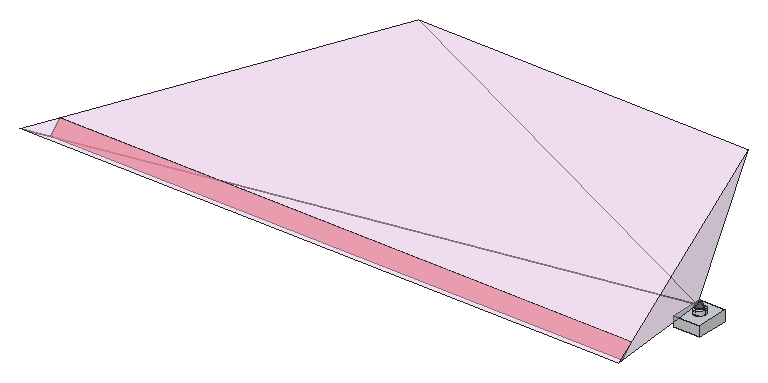
Revit family "Camera-Security-Panasonic-Super_Dynamic-H265_AI_Engine-Vandal_Resistant-Dome-Network-S2236LSeriesX", category Security Devices, host Face, Revit 2019
Family settings
  Host = Face
  Maintain Annotation Orientation = No
  Round Connector Dimension = Use Diameter
  Part Type = Normal
  OmniClass Number = 23.85.10.14.11
  OmniClass Title = Cameras
  Cut with Voids When Loaded = No
  Shared = No
  Room Calculation Point = No
Parameters (values of type "WV-S2236L")
  z Zero = 0.000"  # constant formula
  z Yaw Actual [instance] = if(and(On Wall, not(On Ceiling)), Yaw Actual, Yaw Actual + 180.00°)  # 180.00°
  z VV Viewpoint Depth [instance] = (z VV Viewpoint Depth Max - z VV Viewpoint Depth Min) * z HFOV Ratio + z VV Viewpoint Depth Min  # 1.28346"
  z VV Viewpoint Depth Min = 1.28346"  # constant formula
  z VV Viewpoint Depth Max = 1.28346"  # constant formula
  z VV Origin Height Offset = 0.30315"  # constant formula
  z VV Origin Height [instance] = if(Has Ceiling Mount, 2.11811" + z VV Origin Height Offset - 2.06693", 2.11811" + z VV Origin Height Offset)  # 2.42126"
  z VV Face Radius = 4.62598"
  z Type = 2
  z Tilt Actual [instance] = Tilt Actual  # 45.00°
  z Pan Actual Safe [instance] = if(Pan Actual = -180.00°, 180.00°, Pan Actual)  # 0.00°
  z Pan Actual [instance] = Pan Actual  # 0.00°
  z Height [instance] = if(Has Ceiling Mount, 6.04331", 4.03543")  # 4.03543"
  z HFOV Ratio [instance] = (Horizontal FOV Actual - Horizontal FOV Min) / (Horizontal FOV Max - Horizontal FOV Min)  # 0.30769
  z Dome Radius [instance] = 1.63386"  # constant formula
  z Dome Material = Glass - Panasonic - Smoked
  z Dome Height Offset [instance] = if(Has Ceiling Mount, 0.19685", z Base Height + 0.28346")  # 2.40157"
  z Const Yaw Handle Length = 9.25197"  # constant formula
  z Const Yaw Base2 Length = 17.32283"  # constant formula
  z Const Yaw Base Length = 10.23622"  # constant formula
  z Const Tilt Handle Length = 11.81102"  # constant formula
  z Const Tilt Base2 Length = 19.68504"  # constant formula
  z Const Tilt Base Length = 9.84252"  # constant formula
  z Const Pan Handle Length = 19.48819"  # constant formula
  z Camera Type = 21362
  z Camera Resolution Type = 1
  z Base is Visible [instance] = not(Has Ceiling Mount)  # yes
  z Base Radius = (Diameter / 2)  # 2.54921"
  z Base Height = 2.11811"  # constant formula
  Yawing Range = "-100 to +100"  # constant formula
  Yaw Min = -100.00°  # constant formula
  Yaw Max = 100.00°  # constant formula
  Yaw Desired [instance] = 0.00°
  Yaw Actual [instance] = if(Yaw Desired > Yaw Max, Yaw Max, if(Yaw Desired < Yaw Min, Yaw Min, Yaw Desired))  # 0.00°
  Wide Dynamic Range = (1 = 1)  # yes
  Weight = 1.26 lbf  # constant formula
  Water and Dust Resistance = "N/A"  # constant formula
  Voltage [instance] = if(Power Supply Type is PoE, 48 V, 12 V)  # 48 V
  Vandal Resistant = (1 = 1)  # yes
  VFOV Min 43 = 20.00°  # constant formula
  VFOV Min 169 = 20.00°  # constant formula
  Vertical FOV Min [instance] = if(and(Aspect Ratio 4_3, not(Aspect Ratio 16_9)), VFOV Min 43, VFOV Min 169)  # 20.00°
  VFOV Max 43 = 60.00°  # constant formula
  VFOV Max 169 = 60.00°  # constant formula
  Vertical FOV Max [instance] = if(and(Aspect Ratio 4_3, not(Aspect Ratio 16_9)), VFOV Max 43, VFOV Max 169)  # 60.00°
  Vertical FOV Actual [instance] = z HFOV Ratio * (Vertical FOV Max - Vertical FOV Min) + Vertical FOV Min  # 32.3077°
  URL = "http://security.panasonic.com/pss/security/"
  Tilting Range = "-30 to +85"  # constant formula
  Tilt Min = -30.00°  # constant formula
  Tilt Max = 85.00°  # constant formula
  Tilt Actual [instance] = if(Tilt Desired > Tilt Max, Tilt Max, if(Tilt Desired < Tilt Min, Tilt Min, Tilt Desired))  # 45.00°
  Tilt Desired [instance] = 45.00°
  Storage Temperature = Operational Temperature  # "-10 °C to +50 °C (14 °F to 122 °F)"
  Show View Volume [instance] = yes
  Shock Resistance = "IK10 (IEC 62262)"  # constant formula
  Resolution_HD [instance] = no
  Resolution_FullHD [instance] = yes
  Regulatory Compliance = "UL (UL60950-1), c-UL (CSA C22.2 No.60950-1), CE, IEC60950-1, FCC (Part15 ClassA), ICES003 ClassA, EN55032 ClassB, EN55035"  # constant formula
  Provide Feedback = "https://www.surveymonkey.com/s/95FL6QY"
  Product Page URL = "https://security.panasonic.com/products_technology/products/wv-s2236l/"
  Product Material = Paint - Panasonic -i-Pro White
  Product Documentation Link = "https://bizpartner.panasonic.net/public/ppr/product/11513?accordion_tab=96"
  Power Supply Type is PoE [instance] = yes
  Power Supply Type [instance] = if(Power Supply Type is PoE, "PoE", "DC")  # "PoE"
  Power Active [instance] = if(Power Supply Type is PoE, 8.7 W, if(not(Power Supply Type is PoE), 8.6 W, 0.0 W))  # 8.7 W
  Part Number = Model  # "WV-S2236L"
  Part Description = Description  # "Security Camera, Vandal Resistant, H.265 Fixed Dome, Network, Super Dynamic FullHD, AI Engine, WV-S2236L"
  Panning Range = "-240 to +120"  # constant formula
  Pan Min = -240.00°  # constant formula
  Pan Max = 120.00°  # constant formula
  Pan Desired [instance] = 0.00°
  Pan Actual [instance] = if(Pan Desired > Pan Max, Pan Max, if(Pan Desired < Pan Min, Pan Min, Pan Desired))  # 0.00°
  PPM Desired [instance] = 300
  PPM Actual [instance] = if(PPM Desired > 1, PPM Desired, 1)  # 300
  Original Creation Date = "2021/04/09"  # constant formula
  Operational Temperature = "-10 °C to +50 °C (14 °F to 122 °F)"  # constant formula
  Operational Humidity = "10 to 90 % (no condensation)"  # constant formula
  On Wall [instance] = no
  On Ceiling [instance] = yes
  Mounting Positions = "Surface Mount or Mount Dependent"  # constant formula
  Model Disclaimer = "Contact Panasonic for more information"  # constant formula
  Model = "WV-S2236L"  # constant formula
  Minimum Illumination = 0.007 lx  # constant formula
  Manufacturer = "Panasonic"  # constant formula
  Indoor Or Outdoor = "Indoor"  # constant formula
  IP Or Analog = "IP"  # constant formula
  Horizontal Resolution [instance] = if(and(Aspect Ratio 4_3, not(Aspect Ratio 16_9)), Horizontal Resolution 43, Horizontal Resolution 169)  # 1920
  Horizontal Resolution 43 [instance] = if(not(z Camera Resolution Type = 1), 1280, if(and(Resolution_HD, not(Resolution_FullHD)), 1280, 2048))  # 2048
  Horizontal Resolution 169 [instance] = if(not(z Camera Resolution Type = 1), 1280, if(and(Resolution_HD, not(Resolution_FullHD)), 1280, 1920))  # 1920
  Height = 4.03543"  # constant formula
  Has Ceiling Mount [instance] = no
  Has POE = (1 = 1)  # yes
  HFOV Min 43 = 27.00°  # constant formula
  HFOV Min 169 = 36.00°  # constant formula
  Horizontal FOV Min [instance] = if(and(Aspect Ratio 4_3, not(Aspect Ratio 16_9)), HFOV Min 43, HFOV Min 169)  # 36.00°
  HFOV Max 43 = 82.00°  # constant formula
  HFOV Max 169 = 114.00°  # constant formula
  Horizontal FOV Max [instance] = if(and(Aspect Ratio 4_3, not(Aspect Ratio 16_9)), HFOV Max 43, HFOV Max 169)  # 114.00°
  Horizontal FOV Actual [instance] = if(Horizontal FOV Desired > Horizontal FOV Max, Horizontal FOV Max, if(Horizontal FOV Desired < Horizontal FOV Min, Horizontal FOV Min, Horizontal FOV Desired))  # 60.00°
  Family Version = "1.0.0"  # constant formula
  Horizontal FOV Desired [instance] = 60.00°
  Equipment Number [instance] = ""
  Equipment Abbreviation = "SC"  # constant formula
  Dome Part Number [instance] = "WV-CF5SA"  # constant formula
  Distance to Screen [instance] = 393.70079"
  Distance to PPM Target [instance] = if(PPM Actual = 0, 0.000", 39.37008" * Horizontal Resolution / (PPM Actual * 2 * tan(Horizontal FOV Actual / 2)))  # 218.21113"
  Distance to Floor [instance] = 118.11024"
  Distance to Ceiling [instance] = 0.000"
  Diameter = 5.09843"  # constant formula
  Description = "Security Camera, Vandal Resistant, H.265 Fixed Dome, Network, Super Dynamic FullHD, AI Engine, WV-S2236L"  # constant formula
  Default Elevation = 0.000"
  Day Or Night = "Yes"  # constant formula
  Date Last Modified = "2021/04/09"  # constant formula
  Copyright = "Copyright © Panasonic"  # constant formula
  Communication Ports = "10Base-T / 100Base-TX, RJ45 connector"  # constant formula
  Audio Out = "ø3.5 mm stereo mini jack (monaural output)"  # constant formula
  Audio In = "ø3.5 mm stereo mini jack"  # constant formula
  Angle Of View = "114"  # constant formula
  Alarm Input Or Output Specification = "ALARM IN 1 (Black & white input, Auto time adjustment input) (x1), ALARM IN 2 (ALARM OUT) (x1), ALARM IN 3 (AUX OUT) (x1)"  # constant formula
  Accessory Part Number [instance] = if(Has Ceiling Mount, "WV-QEM100-W", "Select a Mounting Option")  # "Select a Mounting Option"
  Aspect Ratio 4_3 [instance] = no
  Aspect Ratio 16_9 [instance] = yes
Reference planes (in)
  plane 1 "Center (Front/Back)": y = 0
  plane 2: z = 0
  plane 3 "Center (Left/Right)": x = 0
  plane 4: z = 0
  plane 5: x = -2.54921
  plane 6: x = -1.63386
  plane 7: z = 2.34252
  plane 8: z = 1.65354
  plane 9: z = 3.97638
  plane 10 "BP": z = 2.42126
  plane 11: z = 2.02756
  plane 12: z = 0.11811
  plane 13: z = -0.05906
  plane 14: z = 3.97638
  plane 15: x = -1.92749
  plane 16: x = -2.44094
Forms (in)
  Extrusion 1, solid
    sketch origin (0, 0, 0) x (1, 0, 0) y (0, 1, 0)
      loop
        line (-5.65138, 6.85016) -> (-5.65138, -7.02141) -> (5.68581, -7.02141) -> (5.68581, 6.85016) -> (-5.65138, 6.85016)
    from 0 to -4.63827
  Revolve 2, solid, material "Paint - Panasonic -i-Pro White" <- "Product Material", visible <- "z Base is Visible"
    sketch origin (0, 0, 0) x (1, 0, 0) y (0, 0, 1)
      loop
        line (0, -0.05906) -> (0, 2.02756) -> (-1.92749, 2.02756) -> (-2.44094, 1.65354) -> (-2.54701, 0.10879) -> (-2.45791, 0.01969) -> (-2.30134, 0.01969) -> (-2.2226, -0.05906) -> (0, -0.05906)
      axis (0, 2.02756) -> (0, -0.05906)
    angle from 0 to 360
  Revolve 3, solid, material "Glass - Panasonic - Smoked" <- "z Dome Material"
    sketch origin (0, 0, 0) x (1, 0, 0) y (0, 0, 1)
      loop
        arc (0, 3.97638) -> (-1.15531, 3.49783) -> (-1.63386, 2.34252) r 1.63386
        line (-1.63386, 2.34252) -> (-1.63386, 2.02756) -> (0, 2.02756) -> (0, 3.97638)
      axis (0, 3.97638) -> (0, 2.02756)
    angle from 0 to 360
  Extrusion 4, void
    sketch origin (-4.56493, -180, 2.02756) x (0, -1, 0) y (-1, 0, 0)
      loop
        line (-180.19685, -6.59539) -> (-180.19685, -6.83161)
        arc (-180.19685, -6.83161) -> (-180.17379, -6.88729) -> (-180.11811, -6.91035) r 0.07874
        line (-180.11811, -6.91035) -> (-179.88189, -6.91035)
        arc (-179.88189, -6.91035) -> (-179.82621, -6.88729) -> (-179.80315, -6.83161) r 0.07874
        line (-179.80315, -6.83161) -> (-179.80315, -6.59539)
        arc (-179.80315, -6.59539) -> (-179.82621, -6.53971) -> (-179.88189, -6.51665) r 0.07874
        line (-179.88189, -6.51665) -> (-180.11811, -6.51665)
        arc (-180.11811, -6.51665) -> (-180.17379, -6.53971) -> (-180.19685, -6.59539) r 0.07874
      loop
        arc (-180.19685, -2.53448) -> (-180.17379, -2.59015) -> (-180.11811, -2.61322) r 0.07874
        line (-180.11811, -2.61322) -> (-179.88189, -2.61322)
        arc (-179.88189, -2.61322) -> (-179.82621, -2.59015) -> (-179.80315, -2.53448) r 0.07874
        line (-179.80315, -2.53448) -> (-179.80315, -2.29826)
        arc (-179.80315, -2.29826) -> (-179.82621, -2.24258) -> (-179.88189, -2.21952) r 0.07874
        line (-179.88189, -2.21952) -> (-180.11811, -2.21952)
        arc (-180.11811, -2.21952) -> (-180.17379, -2.24258) -> (-180.19685, -2.29826) r 0.07874
        line (-180.19685, -2.29826) -> (-180.19685, -2.53448)
    from 0 to 0.7874
Cuts and joins
  Extrusion 4 cuts Revolve 2
Lines and regions (in)
  reference lines
    curve 1: line (0, 0, 2.42154) -> (0, -9.84252, 2.42154)
    curve 2: line (0, 0, 2.42126) -> (8.07327, -8.07327, 2.42126)
Dimensions and locks (in)
  "z Base Radius": plane 3 "Center (Left/Right)" to plane 5
  "z Dome Radius": plane 3 "Center (Left/Right)" to plane 6
  locked: plane 12 to level at 0.11811
  Revolve 2 sketch curve to Revolve 2 sketch curve = 0.07874"
  "Height": plane 14 to plane 13
  "z Dome Radius": plane 14 to plane 7
  locked: plane 14 to plane 11 at 1.94882
  locked: plane 14 to plane 8 at 2.32283
  locked: plane 3 "Center (Left/Right)" to plane 15 at 1.92749
  locked: plane 3 "Center (Left/Right)" to plane 16 at 2.44094
  "z Height": plane 9 to plane 13
  "z VV Origin Height": plane 10 "BP" to level
  radius of Revolve 3 sketch curve = 1.63386"
  angle curve 1 to plane 1 "Center (Front/Back)" = 90.00°
  "z Pan Actual Safe": angle plane 3 "Center (Left/Right)" to curve 1
  "z Tilt Actual": angle curve 2 to plane 1 "Center (Front/Back)"
  aligned and locked: plane 2 to Extrusion 1
  aligned and locked: level to Extrusion 1
  aligned and locked: Revolve 2 sketch curve to plane 3 "Center (Left/Right)"
  aligned and locked: plane 1 "Center (Front/Back)" to curve 1
  aligned and locked: plane 3 "Center (Left/Right)" to curve 1
  aligned and locked: plane 3 "Center (Left/Right)" to nested 1
  aligned and locked: plane 3 "Center (Left/Right)" to curve 2
  aligned and locked: plane 1 "Center (Front/Back)" to curve 2
  aligned and locked: nested 2 to plane 3 "Center (Left/Right)"
  aligned and locked: Revolve 2 sketch curve to plane 11
  aligned and locked: plane 13 to Revolve 2 sketch curve
  aligned and locked: plane 15 to Revolve 2 sketch curve
  aligned and locked: plane 8 to Revolve 2 sketch curve
  aligned and locked: Revolve 3 sketch curve to plane 6
  aligned and locked: plane 1 "Center (Front/Back)" to nested 2  (x2)
Automatic sketch dimensions
  Extrusion 1 sketch curve to Extrusion 1 sketch curve = 11.33719"
  Extrusion 1 sketch curve to Extrusion 1 sketch curve = 13.87157"
  Revolve 2 sketch curve to plane 16 = 0.000"
  Revolve 2 sketch curve to plane 3 "Center (Left/Right)" = 0.000"
  Revolve 2 sketch curve to plane 16 = 0.01696"
  Revolve 2 sketch curve to plane 5 = 0.0022"
  plane 16 to Revolve 2 sketch curve = 0.13961"
  Revolve 2 sketch curve to Revolve 2 sketch curve = 0.07874"
  Revolve 2 sketch curve to Revolve 2 sketch curve = 0.08911"
  plane 8 to Revolve 2 sketch curve = 0.11875"
  Revolve 2 sketch curve to plane 10 "BP" = 0.23031"
  Extrusion 4 sketch curve to plane 1 "Center (Front/Back)" = 0.19685"  (x2)
  Extrusion 4 sketch curve to Extrusion 4 sketch curve = 0.07874"  (x6)
  Extrusion 4 sketch curve to plane 15 = 0.02423"
  plane 1 "Center (Front/Back)" to Extrusion 4 sketch curve = 0.11811"  (x4)
  plane 16 to Extrusion 4 sketch curve = 0.17427"
  plane 3 "Center (Left/Right)" to Extrusion 4 sketch curve = 1.95172"
  Extrusion 4 sketch curve to Extrusion 4 sketch curve = 0.23622"
  Revolve 3 sketch curve to plane 3 "Center (Left/Right)" = 0.000"
  Revolve 3 sketch curve to plane 11 = 0.000"
  Revolve 3 sketch curve to plane 7 = 0.000"
  Revolve 3 sketch curve to Revolve 3 sketch curve = 0.77056"
  Revolve 3 sketch curve to Revolve 3 sketch curve = 0.250"
Nested families (in)
  nested 1: "Mount - Camera-Security-Panasonic-Fixed_Dome-Network" at (0, 0, 0), Product Material <- "Product Material", Has Ceiling Mount <- "Has Ceiling Mount", type "Mount"
    with z Bracket Radius 3.66142", Product Material Paint - Panasonic -i-Pro White, Has Ceiling Mount no, Dome Radius 3.77953"
  nested 2: "Camera-Security-Panasonic-ViewVolumePTYZ" at (0, 0, 2.42126), Viewpoint Depth <- "z VV Viewpoint Depth", Base Height Offset <- "z VV Origin Height", Pan <- "z Pan Actual", Tilt <- "z Tilt Actual", Yaw <- "z Yaw Actual", HFOV <- "Horizontal FOV Actual", VFOV <- "Vertical FOV Actual", On Wall <- "On Wall", On Ceiling <- "On Ceiling", Screen Depth <- "Distance to Screen", Floor Distance <- "Distance to Floor", Ceiling Distance <- "Distance to Ceiling", Target Depth <- "Distance to PPM Target", visible <- "Show View Volume", type "Camera-Security-Panasonic-ViewVolumePTYZ"
    with z Yaw Actual 180.00°, z Void Width 1249.41753", z Void Thickness 397.40551", z Void Height Start -624.70877", z Void Height End 624.70877", z Void Direction 0, z Void Angle 0.00°, z Viewpoint Depth 1.28346", z Tilt Actual 45.00°, z Target Width 251.9685", z Target Visible yes, z Target Height 126.41125", z Target Depth 219.49459", z Screen Width 454.60651", z Screen Height 228.07365", z Screen Depth 394.98425", z Pan Actual 0.00°, z Floor Distance 118.11024", z Ceiling Distance 0.000", Yaw 180.00°, Viewpoint Origin Horizontal Offset 0.000", Viewpoint Depth 1.28346", VFOV 32.3077°, Tilt 45.00°, Target Depth 218.21113", Screen Depth 393.70079", Pan 0.00°, On Wall no, On Floor no, On Default Mount Type 0, On Ceiling yes, HFOV 60.00°, Floor Distance 118.11024", Ceiling Distance 0.000", Base Height Offset 2.42126", Base Angle Offset 0.00°
Connectors (in)
  electrical at (0, 0, -0.05906), driven by "Power Active", driven by "Voltage"
    settings: on Revolve 2, index 1, voltage 48 V, apparent load 8.7 W, apparent load phase1 0.0 W, apparent load phase2 0.0 W, apparent load phase3 0.0 W, power factor 1, load classification "Other", number of poles 1, system type 30, power factor state 1, is connector primary yes, connector utility no, sub classification motor no, connector description "Electrical Connection"
  electrical at (0, 0, -0.05906)
    settings: on Revolve 2, index 2, voltage 0 V, apparent load 0.0 W, apparent load phase1 0.0 W, apparent load phase2 0.0 W, apparent load phase3 0.0 W, power factor 1, load classification "Other", number of poles 1, system type 5, power factor state 1, is connector primary no, connector utility no, sub classification motor no, connector description "Data Connection"
Definition of nested family "Camera-Security-Panasonic-ViewVolumePTYZ"
  Parameters
    Default Elevation = 48.000"
    z Yaw Actual [instance] = if(Yaw < 0.00°, 360.00° - (abs(Yaw) - rounddown(abs(Yaw) / 360.00°) * 360.00°), Yaw - rounddown(Yaw / 360.00°) * 360.00°)  # 0.00°
    z Void Width [instance] = if(z Screen Width > z Screen Height, z Screen Width, z Screen Height) + abs(Viewpoint Origin Horizontal Offset) + z Void Thickness * 2  # 1265.63013"
    z Void Thickness [instance] = z Screen Depth + abs(Base Height Offset)  # 405.51181"
    z Void Height Start [instance] = -z Void Width / 2  # -632.81507"
    z Void Height End [instance] = z Void Width / 2  # 632.81507"
    z Void Direction [instance] = if((if(On Wall, 1, 0) + if(On Floor, 1, 0) + if(On Ceiling, 1, 0)) = 1, if(On Ceiling, 0, if(On Wall, 1, 2)), On Default Mount Type)  # 0
    z Viewpoint Depth [instance] = if(Viewpoint Depth < 0.03937", 0.03937", Viewpoint Depth)  # 5.90551"
    z Tilt Actual [instance] = if(Tilt < 0.00°, 360.00° - (abs(Tilt) - rounddown(abs(Tilt) / 360.00°) * 360.00°), Tilt - rounddown(Tilt / 360.00°) * 360.00°)  # 45.00°
    z Target Visible [instance] = not(Screen Depth < Target Depth)  # yes
    z Target Thickness Start = -z Target Thickness / 2  # -0.03937"
    z Target Thickness End = z Target Thickness / 2  # 0.03937"
    z Target Depth [instance] = Target Depth + Viewpoint Depth  # 84.64567"
    z Pan Actual [instance] = if(Pan < 0.00°, 360.00° - (abs(Pan) - rounddown(abs(Pan) / 360.00°) * 360.00°), Pan - rounddown(Pan / 360.00°) * 360.00°)  # 0.00°
    z Floor Distance [instance] = if(z Void Direction = 2, if(Floor Distance < 0.000", 0.000", Floor Distance), if(Floor Distance < 0.3937", 0.3937", Floor Distance))  # 118.11024"
    z Const Yaw Base2 Length = 17.32283"  # constant formula
    z Const Tilt Base2 Length = 19.68504"  # constant formula
    z Ceiling Distance [instance] = if(z Void Direction = 2, if(Ceiling Distance < 0.3937", 0.3937", Ceiling Distance), if(Ceiling Distance < 0.000", 0.000", Ceiling Distance))  # 0.000"
    z Const Void Handle Length = 23.62205"  # constant formula
    z Void Angle [instance] = if(z Void Direction = 0, 0.00° + Base Angle Offset, if(z Void Direction = 1, 90.00° + Base Angle Offset, 180.00° + Base Angle Offset))  # 0.00°
    z Screen Depth [instance] = if(Screen Depth < 3.93701", 3.93701" + Viewpoint Depth, Screen Depth + Viewpoint Depth)  # 399.6063"
    Original Creation Date = "September, 15, 2016"  # constant formula
    On Default Mount Type [instance] = 0
    Manufacturer = "Panasonic"  # constant formula
    Family Version = "1.0.0"  # constant formula
    Date Last Modified = "September, 15, 2016"  # constant formula
    Copyright = "Copyright © Panasonic"  # constant formula
    Base Height Offset [instance] = 5.90551"
    Base Angle Offset [instance] = 0.00°
    z Viewpoint Width = 0.03937"  # constant formula
    z Viewpoint Height = 0.03937"  # constant formula
    VFOV [instance] = 33.75°
    z Target Width [instance] = Target Depth * tan(HFOV / 2) * 2  # 90.9213"
    z Target Thickness = 0.07874"  # constant formula
    z Target Height [instance] = Target Depth * tan(VFOV / 2) * 2  # 47.77113"
    Target Depth [instance] = 78.74016"
    z Screen Width [instance] = (z Screen Depth - Viewpoint Depth) * tan(HFOV / 2) * 2  # 454.60651"
    z Screen Height [instance] = (z Screen Depth - Viewpoint Depth) * tan(VFOV / 2) * 2  # 238.85566"
    Screen Depth [instance] = 393.70079"
    z Const Yaw Handle Length = 9.25197"  # constant formula
    z Const Yaw Base Length = 10.23622"  # constant formula
    Viewpoint Depth [instance] = 5.90551"
    Viewpoint Origin Horizontal Offset [instance] = 0.000"
    z Const Tilt Handle Length = 14.17323"  # constant formula
    z Const Tilt Base Length = 9.84252"  # constant formula
    z Const Pan Handle Length = 19.68504"  # constant formula
    z Const Pan Axis Length = 15.74803"  # constant formula
    On Wall [instance] = no
    On Floor [instance] = no
    On Ceiling [instance] = yes
    HFOV [instance] = 60.00°
    Yaw [instance] = 0.00°
    Tilt [instance] = 45.00°
    Pan [instance] = 0.00°
    Floor Distance [instance] = 118.11024"
    Ceiling Distance [instance] = 0.000"
  Reference planes (in)
    plane 1 "Center (Front/Back)": y = 0
    plane 2: z = 0
    plane 3 "Center (Left/Right)": x = 0
    plane 4 "VoidOffsetBase": z = -5.90551
  Forms (in)
    Extrusion 1, void
      sketch origin (0, 0, -5.90551) x (0, 0, 1) y (0, -1, 0)
        loop
          line (523.62205, 632.81507) -> (118.11024, 632.81507) -> (118.11024, -632.81507) -> (523.62205, -632.81507) -> (523.62205, 632.81507)
        loop
          line (0, 632.81507) -> (-405.51181, 632.81507) -> (-405.51181, -632.81507) -> (0, -632.81507) -> (0, 632.81507)
      from -632.81507 <- "z Void Height Start" to 632.81507 <- "z Void Height End"
    Blend 2, solid
      base sketch origin (0, -4.17583, 4.17583) x (0, 0.707107, 0.707107) y (-1, 0, 0)
        loop
          line (-0.01969, -0.01969) -> (0.01969, -0.01969) -> (0.01969, 0.01969) -> (-0.01969, 0.01969) -> (-0.01969, -0.01969)
      top sketch origin (0, -282.56432, 282.56432) x (0, 0.707107, 0.707107) y (-1, 0, 0)
        loop
          line (-119.42783, -227.30326) -> (119.42783, -227.30326) -> (119.42783, 227.30326) -> (-119.42783, 227.30326) -> (-119.42783, -227.30326)
      from 0 to 0
    Extrusion 3, solid, visible <- "z Target Visible"
      sketch origin (0, -59.85353, 59.85353) x (0, 0.707107, 0.707107) y (-1, 0, 0)
        loop
          line (-23.88557, -45.46065) -> (23.88557, -45.46065) -> (23.88557, 45.46065) -> (-23.88557, 45.46065) -> (-23.88557, -45.46065)
      from -0.03937 <- "z Target Thickness Start" to 0.03937 <- "z Target Thickness End"
  Cuts and joins
    Extrusion 1 cuts Blend 2
    Extrusion 1 cuts Extrusion 3
  Lines and regions (in)
    reference lines
      curve 1: line (0, 0, 0) -> (19.68504, 0, 0)
      curve 2: line (0, 0, -15.74803) -> (0, 0, 0)
      curve 3: line (0, 0, 0) -> (0, -9.84252, 0)
      curve 4: line (0, 0, 0) -> (0, 0, 19.68504)
      curve 5: line (0, -10.02199, 10.02199) -> (0, 0, 0)
      curve 6: line (0, 0, 0) -> (0, 7.2381, 7.2381)
      curve 7: line (0, 0, 0) -> (-17.32283, 0, 0)
      curve 8: line (0, 0, 0) -> (-9.25197, 0, 0)
      curve 9: line (0, -4.17583, 4.17583) -> (0, 0, 0)
      curve 10: line (0, 0, 0) -> (0, -59.85353, 59.85353)
      curve 11: line (0, 0, 0) -> (0, -282.56432, 282.56432)
      curve 12: line (-0.01969, -4.16191, 4.18975) -> (0.01969, -4.16191, 4.18975)
      curve 13: line (-0.01969, -4.18975, 4.16191) -> (0.01969, -4.18975, 4.16191)
      curve 14: line (-0.01969, -4.16191, 4.18975) -> (-0.01969, -4.18975, 4.16191)
      curve 15: line (0.01969, -4.16191, 4.18975) -> (0.01969, -4.18975, 4.16191)
      curve 16: line (-45.46065, -42.96388, 76.74317) -> (45.46065, -42.96388, 76.74317)
      curve 17: line (-45.46065, -76.74317, 42.96388) -> (45.46065, -76.74317, 42.96388)
      curve 18: line (-45.46065, -42.96388, 76.74317) -> (-45.46065, -76.74317, 42.96388)
      curve 19: line (45.46065, -42.96388, 76.74317) -> (45.46065, -76.74317, 42.96388)
      curve 20: line (-227.30326, -198.1161, 367.01255) -> (-227.30326, -367.01255, 198.1161)
      curve 21: line (227.30326, -198.1161, 367.01255) -> (227.30326, -367.01255, 198.1161)
      curve 22: line (-227.30326, -198.1161, 367.01255) -> (227.30326, -198.1161, 367.01255)
      curve 23: line (-227.30326, -367.01255, 198.1161) -> (227.30326, -367.01255, 198.1161)
      curve 24: line (0, 0, -5.90551) -> (0, 0, 17.71654)
      curve 25: line (0, -632.81507, 517.71654) -> (0, 632.81507, 517.71654)
      curve 26: line (0, -632.81507, 112.20472) -> (0, -632.81507, 517.71654)
      curve 27: line (0, 632.81507, 112.20472) -> (0, -632.81507, 112.20472)
      curve 28: line (0, 632.81507, 517.71654) -> (0, 632.81507, 112.20472)
      curve 29: line (0, -632.81507, -5.90551) -> (0, 632.81507, -5.90551)
      curve 30: line (0, -632.81507, -411.41732) -> (0, -632.81507, -5.90551)
      curve 31: line (0, 632.81507, -411.41732) -> (0, -632.81507, -411.41732)
      curve 32: line (0, 632.81507, -5.90551) -> (0, 632.81507, -411.41732)
  Dimensions and locks (in)
    "z Const Pan Handle Length": curve 1 to curve 1
    "z Const Pan Axis Length": curve 2 to curve 2
    "z Const Tilt Base Length": curve 3 to curve 3
    "z Const Pan Axis Length": curve 1 to curve 2
    "Viewpoint Origin Horizontal Offset": curve 4 to curve 2
    "z Const Tilt Base2 Length": curve 4 to curve 4
    "z Const Tilt Handle Length": curve 5 to curve 5
    "z Const Yaw Base Length": curve 6 to curve 6
    "z Const Yaw Base2 Length": curve 7 to curve 7
    "z Const Yaw Handle Length": curve 8 to curve 8
    "z Viewpoint Depth": curve 9 to curve 9
    "z Target Depth": curve 10 to curve 10
    "z Screen Depth": curve 11 to curve 11
    equal spacing: curve 13, curve 9, curve 12
    "z Viewpoint Height": curve 13 to curve 12
    equal spacing: curve 14, curve 9, curve 15
    "z Viewpoint Width": curve 14 to curve 15
    equal spacing: curve 17, curve 10, curve 16
    "z Target Height": curve 17 to curve 16
    equal spacing: curve 18, curve 10, curve 19
    "z Target Width": curve 18 to curve 19
    equal spacing: curve 20, curve 11, curve 21
    "z Screen Width": curve 20 to curve 21
    equal spacing: curve 23, curve 11, curve 22
    "z Screen Height": curve 23 to curve 22
    "z Const Void Handle Length": curve 24 to curve 24
    equal spacing: curve 26, curve 24, curve 28
    "z Void Width": curve 26 to curve 28
    "z Floor Distance": curve 27 to curve 24
    "z Ceiling Distance": curve 29 to curve 24
    "z Void Thickness": curve 31 to curve 29
    "z Void Thickness": curve 25 to curve 27
    "Base Height Offset": level to plane 4 "VoidOffsetBase"
    locked: curve 3 to curve 2 (angle 90.00°)
    locked: curve 3 to curve 4 (angle 90.00°)
    "z Tilt Actual": angle curve 4 to curve 5
    locked: curve 6 to curve 7 (angle 90.00°)
    locked: curve 6 to curve 5 (angle 90.00°)
    locked: curve 9 to curve 5 (angle 0.00°)
    locked: curve 10 to curve 5 (angle 0.00°)
    locked: curve 11 to curve 5 (angle 0.00°)
    "z Void Angle": angle plane 1 "Center (Front/Back)" to curve 24
    "z Yaw Actual": angle curve 7 to curve 8
    "z Pan Actual": angle plane 1 "Center (Front/Back)" to curve 1
    aligned and locked: level to plane 2
    aligned and locked: curve 2 to curve 1
    aligned and locked: curve 2 to curve 3
    aligned and locked: curve 3 to curve 2
    aligned and locked: curve 3 to curve 5
    aligned and locked: curve 6 to curve 7
    aligned and locked: curve 6 to curve 8
    aligned and locked: curve 8 to curve 7
    aligned and locked: curve 7 to curve 6
    aligned and locked: curve 5 to curve 11
    aligned and locked: curve 11 to curve 8
    aligned and locked: curve 12 to curve 15
    aligned and locked: curve 15 to curve 15
    aligned and locked: curve 14 to curve 14
    aligned and locked: curve 13 to curve 15
    aligned and locked: curve 16 to curve 19
    aligned and locked: curve 18 to curve 18
    aligned and locked: curve 17 to curve 19
    aligned and locked: curve 22 to curve 22
    aligned and locked: curve 21 to curve 23
    aligned and locked: curve 20 to curve 23
    aligned and locked: curve 23 to curve 23
    aligned and locked: plane 1 "Center (Front/Back)" to curve 24
    aligned and locked: curve 30 to curve 26
    aligned and locked: curve 28 to curve 32
    aligned and locked: Extrusion 1 sketch curve to curve 25
    aligned and locked: Extrusion 1 sketch curve to curve 26
    aligned and locked: Extrusion 1 sketch curve to curve 27
    aligned and locked: Extrusion 1 sketch curve to curve 28
    aligned and locked: Extrusion 1 sketch curve to curve 29
    aligned and locked: Extrusion 1 sketch curve to curve 30
    aligned and locked: Extrusion 1 sketch curve to curve 31
    aligned and locked: Extrusion 1 sketch curve to curve 32
    aligned and locked: Extrusion 1 sketch curve to Extrusion 1 sketch curve  (x8)
    aligned and locked: Blend 2 sketch curve to curve 15
    aligned and locked: Blend 2 sketch curve to curve 13
    aligned and locked: Blend 2 sketch curve to curve 14
    aligned and locked: Blend 2 sketch curve to curve 12
    aligned and locked: Blend 2 sketch curve to Blend 2 sketch curve  (x8)
    aligned and locked: Blend 2 sketch curve to curve 21
    aligned and locked: Blend 2 sketch curve to curve 23
    aligned and locked: Blend 2 sketch curve to curve 20
    aligned and locked: Blend 2 sketch curve to curve 22
    aligned and locked: Extrusion 3 sketch curve to curve 19
    aligned and locked: Extrusion 3 sketch curve to curve 17
    aligned and locked: Extrusion 3 sketch curve to curve 18
    aligned and locked: Extrusion 3 sketch curve to curve 16
    aligned and locked: Extrusion 3 sketch curve to Extrusion 3 sketch curve  (x4)
    aligned and locked: plane 3 "Center (Left/Right)" to curve 1
    aligned and locked: plane 1 "Center (Front/Back)" to curve 1
    aligned and locked: level to curve 2
    aligned and locked: plane 4 "VoidOffsetBase" to curve 24
  Automatic sketch dimensions
    curve 6 to curve 5 = 0.000"
    curve 6 to curve 5 = 10.23622"
Definition of nested family "Mount - Camera-Security-Panasonic-Fixed_Dome-Network"
  Parameters (values of type "Mount")
    z Bracket Radius [instance] = 3.66142"  # constant formula
    URL = "http://panasonic.net"
    Product Material [instance] = none
    Part Number = Model  # "WV-Q174B"
    Model = "WV-Q174B"
    Manufacturer = "Panasonic"
    Keynote = ""
    Has Ceiling Mount [instance] = yes
    Dome Radius [instance] = 1.77165"
    Default Elevation = 0.000"
    Assembly Code = ""
  Reference planes (in)
    plane 1 "Center (Front/Back)": y = 0
    plane 2: z = 0
    plane 3 "Center (Left/Right)": x = 0
    plane 4: z = 0.295
    plane 5: z = 0.12598
    plane 6: x = -3.66142
    plane 7: z = 0
    plane 8: x = -1.63386
    plane 9: z = 0.29528
  Forms (in)
    Extrusion 1, solid
      sketch origin (0, 0, 0) x (1, 0, 0) y (0, 1, 0)
        loop
          line (-48, 48) -> (-48, -48) -> (48, -48) -> (48, 48) -> (-48, 48)
      from 0 to -12
    Revolve 2, solid, visible <- "Has Ceiling Mount"
      sketch origin (0, 0, 0) x (1, 0, 0) y (0, 0, 1)
        loop
          line (-3.66142, 0.12598) -> (-3.66142, 0) -> (-1.63386, 0) -> (-1.63386, 0.295) -> (-3.66142, 0.12598)
        axis (0, 0.295) -> (0, 0)
      angle from 0 to 360
  Lines and regions (in)
    Masking region 1
      outline origin (0, 0, 0) x (1, 0, 0) y (0, 1, 0)
        loop
          circle (0, 0) r 3.66142
  Dimensions and locks (in)
    locked: plane 5 to plane 7 at 0.12598
    locked: plane 6 to plane 8 at 2.02756
    locked: plane 9 to level at 0.29528
    locked: plane 3 "Center (Left/Right)" to plane 6 at 3.66142
    "z Bracket Radius": radius of Masking region 1 sketch curve
    aligned and locked: plane 2 to Extrusion 1
    aligned and locked: level to Extrusion 1
    aligned and locked: Revolve 2 sketch curve to level
    aligned and locked: plane 6 to Revolve 2 sketch curve
  Automatic sketch dimensions
    Extrusion 1 sketch curve to Extrusion 1 sketch curve = 96.000"  (x2)
    plane 1 "Center (Front/Back)" to Masking region 1 sketch curve = 0.000"
    Masking region 1 sketch curve to plane 3 "Center (Left/Right)" = 0.000"
    Revolve 2 sketch curve to plane 4 = 0.000"
    Revolve 2 sketch curve to plane 8 = 0.000"
    Revolve 2 sketch curve to plane 3 "Center (Left/Right)" = 0.000"
    Revolve 2 sketch curve to plane 5 = 0.000"
    Revolve 2 sketch curve to level = 0.25803"
    plane 9 to Revolve 2 sketch curve = 0.4011"
